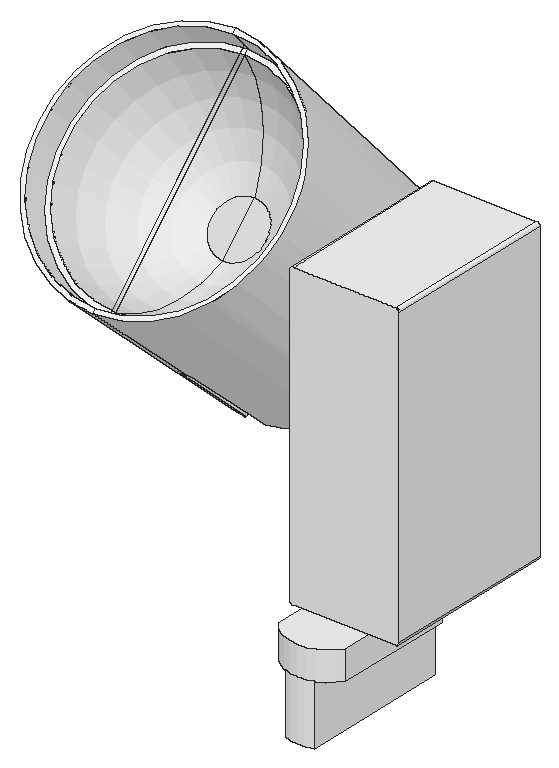
Revit family "0004936 Feilo Sylvania Lighting Fixture START TRACK SPOT L DALI 3562LM 940 WB WHT", category Lighting Fixtures, host Face, Revit 2017
Family settings
  Host = Face
  Round Connector Dimension = Use Diameter
  Part Type = Normal
  OmniClass Number = 23.80.70.00
  OmniClass Title = Lighting
  Cut with Voids When Loaded = No
  Light Source = No
  Shared = No
  Room Calculation Point = No
Parameters (values of type "0004936 START TRACK SPOT L DALI 3562LM 940 WB WHT")
  Weight = "1.368 kg"
  Wattage Comments = ""
  WarrantyStartDate [instance] = "n/a"
  WarrantyGuarantorParts = "n/a"
  WarrantyDurationUnit = "n/a"
  WarrantyDurationParts = "n/a"
  WarrantyDescription = "n/a"
  Voltage = 230 V
  URL = "http://www.sylvania-lighting.com/"
  TypeName = "START TRACK SPOT L DALI 3562LM 940 WB WHT"
  TypeHead_FEILO = Start Track Spot Head : 0004879 START TRACK SPOT L 35W 4K RA90 WB WHITE
  TypeBox_FEILO = Start Track Spot Box : Type Large White
  Type Image = <None>
  Type Comments = "n/a"
  VerticalRotation_FEILO [instance] = 0.00°
  SlideEndAngle_FEILO [instance] = VerticalRotation_FEILO + 180.00°  # 180.00°
  SerialNumber [instance] = "n/a"
  Material_3_FEILO = none
  PowerFactor = 0.93
  PowerConsumption = "35 W"
  NominalLength = 0 mm
  NominalHeight = 240 mm
  NominalDepth = 164 mm
  Name = "START TRACK SPOT L DALI 3562LM 940 WB WHT"
  ModelReference = Name  # "START TRACK SPOT L DALI 3562LM 940 WB WHT"
  ModelNumber = "0004936"
  Model = Name  # "START TRACK SPOT L DALI 3562LM 940 WB WHT"
  Material = "adc12 aluminium housing, polycarbonate diffuser"
  ManufacturerName = "Feilo Sylvania"
  Manufacturer = "Feilo Sylvania"
  LuminousEfficacy = "102 lm/W"
  LuminaireType = ""
  LightOutputRatio = "100"
  LampsType = Lamp  # "LED"
  LampNominalLuminous = "3562 lm"
  LampMacAdamStep = "3"
  LampColourTemperature = "4000 K"
  LampColourRenderingIndex = "90"
  Lamp = "LED"
  Keynote = "16500"
  InstallationDate [instance] = "n/a"
  InputVoltage = "230-240V~"
  InputNominalFrequency = "50/60 Hz"
  IngressProtection = "IP20"
  ImpactProtectionIndex = "IK02"
  IfcExportType = "IfcLightFixtureType"
  IfcExportAs = "IfcLightFixtureType"
  HorizontalRotation_FEILO [instance] = 45.00°
  ExpectedLife = 50000
  ElectricShockClassification = "Class II"
  DurationUnit = "hours"
  DocumentationLiterature = "http://www.sylvania-lighting.com/product/en-int/products/0004879"
  DimmingControlOptions = "Dimmable"
  Material_2_FEILO = none
  Description = "Integrated LED spotlight, Textured White - RAL9016, compact and minimalist design, ideal for retail applications, die-cast aluminium body, passive cooling heatsink. Beam angle: 52°, color temperature: 4000K , total system power: 35W, total fixture output: 3562 lm, LOR: 100%, colour rendering: Ra: 90 typical, LED Chromaticity: 3 step MacAdam ellipse, lifetime: >50000 hours at L70B50, energy class: A++, A+, A, IR/UV free light source without heat radiation, operating voltage: 220-240V / 50-60Hz, drive current: 900mA, electronic driver, non-dimmable, power factor: 0.93, electrical protection: Class II, Global Track 3 Phase adapter suitable for Global trac 3-circuit tracks, ingress protection rating: IP20, suitable for internal environment only, horizontal rotation: 355°, vertical tilt: 90°, dimensions: Ø113x164x240, weight: 1.368kg."
  Default Elevation = 1219.2 mm
  CreatedOn = "04/26/2018"
  CreatedBy = ""
  Cost = 0
  built-in parameter 1114216 [instance] = (empty or 0)
  ClassificationValue = "EF_70_80"
  ClassificationName = "Uniclass2015"
  Material_1_FEILO = Body-Sylvania-StartTrackSpot-White
  BarCode [instance] = "n/a"
  AssetType = "Fixed"
  AssetIdentifier [instance] = "n/a"
  Assembly Code = "D5020200"
  Apparent Load = 35 VA
  Material_4_FEILO = none
Reference planes
  plane 1 "Center (Front/Back)": y = 0
  plane 2: z = 0
  plane 3 "Center (Left/Right)": x = 0
  plane 4: x = 15
  plane 5: x = -15
  plane 6: y = 35
  plane 7: y = -35
  plane 8: z = 13
  plane 9: z = -27
  plane 10: x = 6.5
  plane 11: x = -6.5
  plane 12: y = 27
  plane 13: y = -27
  plane 14: y = 20
Forms (mm)
  Extrusion 1, solid, material "Body-Sylvania-StartTrackSpot-White" <- "Material_1_FEILO"
    sketch origin (0, 0, 0) x (1, 0, 0) y (0, 1, 0)
      loop
        line (-15, 27) -> (-15, -27)
        arc (-15, -27) -> (0, -35) -> (15, -27) r 18.062
        line (15, -27) -> (15, 27)
        arc (15, 27) -> (0, 35) -> (-15, 27) r 18.062
    from 0 to 13
  Extrusion 2, solid, material "Body-Sylvania-StartTrackSpot-White" <- "Material_1_FEILO"
    sketch origin (0, 0, 0) x (1, 0, 0) y (0, 1, 0)
      loop
        arc (6.5, 33.79) -> (0, 35) -> (-6.5, 33.79) r 18.062
        line (-6.5, 33.79) -> (-6.5, -33.79)
        arc (-6.5, -33.79) -> (0, -35) -> (6.5, -33.79) r 18.062
        line (6.5, -33.79) -> (6.5, 33.79)
    from 0 to -27
  Revolve 3, solid, not visible
    sketch origin (1524, 20, 1219.2) x (1, 0, 0) y (0, 0, 1)
      loop
        line (-1524, -1206.2) -> (-1524, -1191.285) -> (-1530.5, -1191.285) -> (-1530.5, -1206.2) -> (-1524, -1206.2)
      axis (-1524, -1191.285) -> (-1524, -1206.2)
    angle from 0 <- "VerticalRotation_FEILO" to 180 <- "SlideEndAngle_FEILO"
Cuts and joins
  joined: Extrusion 1, Extrusion 2
Dimensions and locks
  equal spacing: plane 10, plane 3 "Center (Left/Right)", plane 11
  equal spacing: plane 4, plane 3 "Center (Left/Right)", plane 5
  locked: plane 8 to plane 2 at 13
  locked: plane 8 to plane 9 at 40
  equal spacing: plane 13, plane 1 "Center (Front/Back)", plane 12
  locked: plane 12 to plane 6 at 8
  locked: plane 14 to plane 6 at 15
  locked: Revolve 3 sketch curve to plane 8 at 14.915
  aligned and locked: plane 2 to host face
  aligned and locked: level to host face
  aligned and locked: plane 5 to Extrusion 1 sketch curve  (x2)
  aligned and locked: plane 12 to Extrusion 1 sketch curve
  aligned and locked: plane 13 to Extrusion 1 sketch curve
  aligned and locked: plane 4 to Extrusion 1 sketch curve
  aligned and locked: Extrusion 1 to plane 8
  aligned and locked: Extrusion 1 to level
  aligned and locked: Extrusion 2 sketch curve to Extrusion 1  (x2)
  aligned and locked: Extrusion 2 sketch curve to plane 11
  aligned and locked: plane 10 to Extrusion 2 sketch curve
  aligned and locked: plane 9 to Extrusion 2
  aligned and locked: level to Extrusion 2
  aligned and locked: Revolve 3 sketch curve to plane 3 "Center (Left/Right)"  (x2)
  aligned and locked: plane 11 to Revolve 3 sketch curve
  aligned and locked: Revolve 3 sketch curve to plane 8
Automatic sketch dimensions
  host sketch curve to host sketch curve = 2438.4 mm  (x2)
  Extrusion 1 sketch curve to plane 3 "Center (Left/Right)" = 0 mm  (x2)
  Extrusion 1 sketch curve to plane 13 = 10.062 mm
  plane 12 to Extrusion 1 sketch curve = 10.062 mm
  Revolve 3 sketch curve to plane 3 "Center (Left/Right)" = 0 mm
  plane 9 to Revolve 3 sketch curve = 582.6 mm
  Revolve 3 sketch curve to Revolve 3 sketch curve = 2581.144 mm
Nested families
  nested 1: "Start Track Spot Head" at (-75.5, 20, 133) x (0, 0.7071, 0.7071) z (0, 0.7071, -0.7071), type <- "TypeHead_FEILO", type "0004879 START TRACK SPOT L 35W 4K RA90 WB WHITE"
    with built-in parameter 1114216 (empty or 0)
  nested 2: "Start Track Spot Box" at (8.5, 20, 85) x (-1, 0, 0) z (0, -1, 0), BoxStartAngle_FEILO <- "HorizontalRotation_FEILO", type <- "TypeBox_FEILO", type "Type Large White"
    with BoxStartAngle_FEILO 45.00°, BoxEndAngle_FEILO -135.00°
Connectors
  electrical at (0, 0, 0), driven by "Apparent Load", driven by "PowerFactor", driven by "Voltage"
    settings: index 1, voltage 230 V, apparent load 35 VA, apparent load phase1 0 VA, apparent load phase2 0 VA, apparent load phase3 0 VA, power factor 0.93, load classification "Lighting", number of poles 1, system type 30, power factor state 1, is connector primary yes, connector utility no, sub classification motor no, connector description ""
Definition of nested family "Start Track Spot Head"
  Parameters (values of type "0004811 START TRACK SPOT S 14W 3K RA80 NB WHITE")
    Wattage Comments = "n/a"
    Wattage = 14 W
    built-in parameter 1150110 = 1 (stored number, unit not read)
    URL = "http://www.feilosylvania.com"
    Type Image = (empty or 0)
    Type Comments = "n/a"
    built-in parameter 1114217 = 1 (stored number, unit not read)
    Tilt Angle = -90.00°
    built-in parameter 1150109 = 1 (stored number, unit not read)
    built-in parameter 1150134 = (empty or 0)
    built-in parameter 1150113 = 1 (stored number, unit not read)
    Photometric Web File = "0004811.ies"
    Material_3_FEILO = none
    Model = "START TRACK SPOT S 14W 3K RA80 NB WHITE"
    Manufacturer = "Feilo Sylvania"
    built-in parameter 1150105 = 123.66 (stored number, unit not read)
    Lumens = 1554 lm
    built-in parameter 1150115 = 1 (stored number, unit not read)
    built-in parameter 1150137 = (empty or 0)
    built-in parameter 1150139 = (empty or 0)
    built-in parameter 1150112 = 1 (stored number, unit not read)
    built-in parameter 1150114 = 1 (stored number, unit not read)
    Lamp = "LED"
    Keynote = "16500"
    Material_2_FEILO = none
    built-in parameter 1150132 = (empty or 0)
    built-in parameter 1150102 = (empty or 0)
    built-in parameter 1150107 = 3000 (stored number, unit not read)
    built-in parameter 1150138 = (empty or 0)
    built-in parameter 1150106 = 1.2366 (stored number, unit not read)
    HeadThickness_FEILO = if(HeadDiaOut_FEILO > 112 mm, 2 mm, 1.5 mm)  # 1.5 mm
    HeadRibOffset_FEILO = HeadHeight_FEILO / 28  # 4.179 mm
    HeadRibDepth_FEILO = HeadHeight_FEILO / 2.1  # 55.714 mm
    HeadRibCutWidth_FEILO = HeadDiaOut_FEILO / 12  # 7.167 mm
    HeadRibCutOffset_FEILO = HeadHeight_FEILO / 2.3  # 50.87 mm
    HeadReflectorRadius_FEILO = HeadDiaOut_FEILO / 1.7  # 50.588 mm
    HeadReflectorOffset_FEILO = HeadHeight_FEILO / 2.1  # 55.714 mm
    HeadLEDRadius_FEILO = HeadDiaOut_FEILO / 9  # 9.556 mm
    HeadHeight_FEILO = 117 mm
    HeadDraft_FEILO = 1 mm
    HeadDiffusorThickness_FEILO = 3 mm
    HeadDiffusorOffset_FEILO = HeadHeight_FEILO / 12.4  # 9.435 mm
    HeadDiaOut_FEILO = 86 mm
    HeadDiaIn_FEILO = HeadDiaOut_FEILO / 1.11  # 77.477 mm
    HeadAxisFromTop_FEILO = HeadHeight_FEILO / 1.687  # 69.354 mm
    Emit from Circle Diameter = HeadDiaIn_FEILO  # 77.477 mm
    Emit Shape Visible in Rendering = no
    built-in parameter 1150104 = 10.312 (stored number, unit not read)
    Dimming Lamp Color Temperature Shift = (empty or 0)
    Description = "Integrated LED spotlight, Textured White - RAL9016, compact and minimalist design, ideal for retail applications, die-cast aluminium body, passive cooling heatsink. Beam angle: 12°, color temperature: 3000K , total system power: 14W, total fixture output: 1551 lm, LOR: 100%, colour rendering: Ra: 80 typical, LED Chromaticity: 3 step MacAdam ellipse, lifetime: >50000 hours at L70B50, energy class: A++, A+, A, IR/UV free light source without heat radiation, operating voltage: 220-240V / 50-60Hz, drive current: 350mA, electronic driver, non-dimmable, power factor: 0.92, electrical protection: Class II, Global Track 3 Phase adapter suitable for Global trac 3-circuit tracks, ingress protection rating: IP20, suitable for internal environment only, horizontal rotation: 355°, vertical tilt: 90°, dimensions: Ø86x140x200, weight: 0.940kg."
    Default Elevation = 1219.2 mm
    Cost = 0
    Color Filter = 16777215
    built-in parameter 1114216 [instance] = (empty or 0)
    Material_1_FEILO = none
    built-in parameter 1114218 = 1 (stored number, unit not read)
    built-in parameter 1150133 = 10 (stored number, unit not read)
    Assembly Code = "D5020200"
    Apparent Load = 14 VA
    Material_4_FEILO = none
  Types (96, lengths in mm): name | Wattage | built-in parameter 1150134 | Photometric Web File | Model | built-in parameter 1150105 | Lumens | built-in parameter 1150107 | built-in parameter 1150106 | HeadThickness_FEILO | HeadRibOffset_FEILO | HeadRibDepth_FEILO | HeadRibCutWidth_FEILO | HeadRibCutOffset_FEILO | HeadReflectorRadius_FEILO | HeadReflectorOffset_FEILO | HeadLEDRadius_FEILO | HeadHeight_FEILO | HeadDiffusorOffset_FEILO | HeadDiaOut_FEILO | HeadDiaIn_FEILO | HeadAxisFromTop_FEILO | Emit from Circle Diameter | built-in parameter 1150104 | Description | Apparent Load
    0004906 START TRACK SPOT L 55W 4K RA90 WB BLACK | 55 W | 12 | "0004906.ies" | "START TRACK SPOT L 55W 4K RA90 WB BLACK" | 385.15 (stored number, unit not read) | 4840 lm | 4000 (stored number, unit not read) | 3.8515 (stored number, unit not read) | 2 | 4.429 | 59.048 | 9.417 | 53.913 | 66.471 | 59.048 | 12.556 | 124 | 10 | 113 | 101.802 | 73.503 | 101.802 | 8.1755 (stored number, unit not read) | "Integrated LED spotlight, Textured Black - RAL9005, compact and minimalist design, ideal for retail applications, die-cast aluminium body, passive cooling heatsink. Beam angle: 52°, color temperature: 4000K , total system power: 55W, total fixture output: 4824 lm, LOR: 100%, colour rendering: Ra: 90 typical, LED Chromaticity: 3 step MacAdam ellipse, lifetime: >50000 hours at L70B50, energy class: A++, A+, A, IR/UV free light source without heat radiation, operating voltage: 220-240V / 50-60Hz, drive current: 1400mA, electronic driver, non-dimmable, power factor: 0.96, electrical protection: Class II, Global Track 3 Phase adapter suitable for Global trac 3-circuit tracks, ingress protection rating: IP20, suitable for internal environment only, horizontal rotation: 355°, vertical tilt: 90°, dimensions: Ø113x164x240, weight: 1.398kg." | 55 VA
    0004905 START TRACK SPOT L 55W 4K RA90 MB BLACK | 55 W | 12 | "0004905.ies" | "START TRACK SPOT L 55W 4K RA90 MB BLACK" | 389.53 (stored number, unit not read) | 4895 lm | 4000 (stored number, unit not read) | 3.8953 (stored number, unit not read) | 2 | 4.429 | 59.048 | 9.417 | 53.913 | 66.471 | 59.048 | 12.556 | 124 | 10 | 113 | 101.802 | 73.503 | 101.802 | 8.2684 (stored number, unit not read) | "Integrated LED spotlight, Textured Black - RAL9005, compact and minimalist design, ideal for retail applications, die-cast aluminium body, passive cooling heatsink. Beam angle: 38°, color temperature: 4000K , total system power: 55W, total fixture output: 4897 lm, LOR: 100%, colour rendering: Ra: 90 typical, LED Chromaticity: 3 step MacAdam ellipse, lifetime: >50000 hours at L70B50, energy class: A++, A+, A, IR/UV free light source without heat radiation, operating voltage: 220-240V / 50-60Hz, drive current: 1400mA, electronic driver, non-dimmable, power factor: 0.96, electrical protection: Class II, Global Track 3 Phase adapter suitable for Global trac 3-circuit tracks, ingress protection rating: IP20, suitable for internal environment only, horizontal rotation: 355°, vertical tilt: 90°, dimensions: Ø113x164x240, weight: 1.398kg." | 55 VA
    0004904 START TRACK SPOT L 55W 4K RA90 NB BLACK | 55 W | 12 | "0004904.ies" | "START TRACK SPOT L 55W 4K RA90 NB BLACK" | 393.91 (stored number, unit not read) | 4950 lm | 4000 (stored number, unit not read) | 3.9391 (stored number, unit not read) | 2 | 4.429 | 59.048 | 9.417 | 53.913 | 66.471 | 59.048 | 12.556 | 124 | 10 | 113 | 101.802 | 73.503 | 101.802 | 8.3613 (stored number, unit not read) | "Integrated LED spotlight, Textured Black - RAL9005, compact and minimalist design, ideal for retail applications, die-cast aluminium body, passive cooling heatsink. Beam angle: 15°, color temperature: 4000K , total system power: 55W, total fixture output: 4965 lm, LOR: 100%, colour rendering: Ra: 90 typical, LED Chromaticity: 3 step MacAdam ellipse, lifetime: >50000 hours at L70B50, energy class: A++, A+, A, IR/UV free light source without heat radiation, operating voltage: 220-240V / 50-60Hz, drive current: 1400mA, electronic driver, non-dimmable, power factor: 0.96, electrical protection: Class II, Global Track 3 Phase adapter suitable for Global trac 3-circuit tracks, ingress protection rating: IP20, suitable for internal environment only, horizontal rotation: 355°, vertical tilt: 90°, dimensions: Ø113x164x240, weight: 1.398kg." | 55 VA
    0004903 START TRACK SPOT L 35W 4K RA90 WB BLACK | 35 W | 12 | "0004903.ies" | "START TRACK SPOT L 35W 4K RA90 WB BLACK" | 284.09 (stored number, unit not read) | 3570 lm | 4000 (stored number, unit not read) | 2.8409 (stored number, unit not read) | 2 | 4.429 | 59.048 | 9.417 | 53.913 | 66.471 | 59.048 | 12.556 | 124 | 10 | 113 | 101.802 | 73.503 | 101.802 | 9.4761 (stored number, unit not read) | "Integrated LED spotlight, Textured Black - RAL9005, compact and minimalist design, ideal for retail applications, die-cast aluminium body, passive cooling heatsink. Beam angle: 52°, color temperature: 4000K , total system power: 35W, total fixture output: 3562 lm, LOR: 100%, colour rendering: Ra: 90 typical, LED Chromaticity: 3 step MacAdam ellipse, lifetime: >50000 hours at L70B50, energy class: A++, A+, A, IR/UV free light source without heat radiation, operating voltage: 220-240V / 50-60Hz, drive current: 900mA, electronic driver, non-dimmable, power factor: 0.93, electrical protection: Class II, Global Track 3 Phase adapter suitable for Global trac 3-circuit tracks, ingress protection rating: IP20, suitable for internal environment only, horizontal rotation: 355°, vertical tilt: 90°, dimensions: Ø113x164x240, weight: 1.368kg." | 35 VA
    0004902 START TRACK SPOT L 35W 4K RA90 MB BLACK | 35 W | 12 | "0004902.ies" | "START TRACK SPOT L 35W 4K RA90 MB BLACK" | 286.88 (stored number, unit not read) | 3605 lm | 4000 (stored number, unit not read) | 2.8688 (stored number, unit not read) | 2 | 4.429 | 59.048 | 9.417 | 53.913 | 66.471 | 59.048 | 12.556 | 124 | 10 | 113 | 101.802 | 73.503 | 101.802 | 9.569 (stored number, unit not read) | "Integrated LED spotlight, Textured Black - RAL9005, compact and minimalist design, ideal for retail applications, die-cast aluminium body, passive cooling heatsink. Beam angle: 38°, color temperature: 4000K , total system power: 35W, total fixture output: 3616 lm, LOR: 100%, colour rendering: Ra: 90 typical, LED Chromaticity: 3 step MacAdam ellipse, lifetime: >50000 hours at L70B50, energy class: A++, A+, A, IR/UV free light source without heat radiation, operating voltage: 220-240V / 50-60Hz, drive current: 900mA, electronic driver, non-dimmable, power factor: 0.93, electrical protection: Class II, Global Track 3 Phase adapter suitable for Global trac 3-circuit tracks, ingress protection rating: IP20, suitable for internal environment only, horizontal rotation: 355°, vertical tilt: 90°, dimensions: Ø113x164x240, weight: 1.368kg." | 35 VA
    0004901 START TRACK SPOT L 35W 4K RA90 NB BLACK | 35 W | 12 | "0004901.ies" | "START TRACK SPOT L 35W 4K RA90 NB BLACK" | 286.88 (stored number, unit not read) | 3605 lm | 4000 (stored number, unit not read) | 2.8688 (stored number, unit not read) | 2 | 4.429 | 59.048 | 9.417 | 53.913 | 66.471 | 59.048 | 12.556 | 124 | 10 | 113 | 101.802 | 73.503 | 101.802 | 9.569 (stored number, unit not read) | "Integrated LED spotlight, Textured Black - RAL9005, compact and minimalist design, ideal for retail applications, die-cast aluminium body, passive cooling heatsink. Beam angle: 15°, color temperature: 4000K , total system power: 35W, total fixture output: 3593 lm, LOR: 100%, colour rendering: Ra: 90 typical, LED Chromaticity: 3 step MacAdam ellipse, lifetime: >50000 hours at L70B50, energy class: A++, A+, A, IR/UV free light source without heat radiation, operating voltage: 220-240V / 50-60Hz, drive current: 900mA, electronic driver, non-dimmable, power factor: 0.93, electrical protection: Class II, Global Track 3 Phase adapter suitable for Global trac 3-circuit tracks, ingress protection rating: IP20, suitable for internal environment only, horizontal rotation: 355°, vertical tilt: 90°, dimensions: Ø113x164x240, weight: 1.368kg." | 35 VA
    0004900 START TRACK SPOT S 24W 4K RA90 WB BLACK | 24 W | 12 | "0004900.ies" | "START TRACK SPOT S 24W 4K RA90 WB BLACK" | 166.16 (stored number, unit not read) | 2088 lm | 4000 (stored number, unit not read) | 1.6616 (stored number, unit not read) | 1.5 | 4.179 | 55.714 | 7.167 | 50.87 | 50.588 | 55.714 | 9.556 | 117 | 9.435 | 86 | 77.477 | 69.354 | 77.477 | 8.0826 (stored number, unit not read) | "Integrated LED spotlight, Textured Black - RAL9005, compact and minimalist design, ideal for retail applications, die-cast aluminium body, passive cooling heatsink. Beam angle: 64°, color temperature: 4000K , total system power: 24W, total fixture output: 2087 lm, LOR: 100%, colour rendering: Ra: 90 typical, LED Chromaticity: 3 step MacAdam ellipse, lifetime: >50000 hours at L70B50, energy class: A++, A+, A, IR/UV free light source without heat radiation, operating voltage: 220-240V / 50-60Hz, drive current: 600mA, electronic driver, non-dimmable, power factor: 0.95, electrical protection: Class II, Global Track 3 Phase adapter suitable for Global trac 3-circuit tracks, ingress protection rating: IP20, suitable for internal environment only, horizontal rotation: 355°, vertical tilt: 90°, dimensions: Ø86x140x200, weight: 0.966kg." | 24 VA
    0004899 START TRACK SPOT S 24W 4K RA90 MB BLACK | 24 W | 12 | "0004899.ies" | "START TRACK SPOT S 24W 4K RA90 MB BLACK" | 169.98 (stored number, unit not read) | 2136 lm | 4000 (stored number, unit not read) | 1.6998 (stored number, unit not read) | 1.5 | 4.179 | 55.714 | 7.167 | 50.87 | 50.588 | 55.714 | 9.556 | 117 | 9.435 | 86 | 77.477 | 69.354 | 77.477 | 8.2684 (stored number, unit not read) | "Integrated LED spotlight, Textured Black - RAL9005, compact and minimalist design, ideal for retail applications, die-cast aluminium body, passive cooling heatsink. Beam angle: 36°, color temperature: 4000K , total system power: 24W, total fixture output: 2141 lm, LOR: 100%, colour rendering: Ra: 90 typical, LED Chromaticity: 3 step MacAdam ellipse, lifetime: >50000 hours at L70B50, energy class: A++, A+, A, IR/UV free light source without heat radiation, operating voltage: 220-240V / 50-60Hz, drive current: 600mA, electronic driver, non-dimmable, power factor: 0.95, electrical protection: Class II, Global Track 3 Phase adapter suitable for Global trac 3-circuit tracks, ingress protection rating: IP20, suitable for internal environment only, horizontal rotation: 355°, vertical tilt: 90°, dimensions: Ø86x140x200, weight: 0.966kg." | 24 VA
    0004898 START TRACK SPOT S 24W 4K RA90 NB BLACK | 24 W | 12 | "0004898.ies" | "START TRACK SPOT S 24W 4K RA90 NB BLACK" | 171.89 (stored number, unit not read) | 2160 lm | 4000 (stored number, unit not read) | 1.7189 (stored number, unit not read) | 1.5 | 4.179 | 55.714 | 7.167 | 50.87 | 50.588 | 55.714 | 9.556 | 117 | 9.435 | 86 | 77.477 | 69.354 | 77.477 | 8.3613 (stored number, unit not read) | "Integrated LED spotlight, Textured Black - RAL9005, compact and minimalist design, ideal for retail applications, die-cast aluminium body, passive cooling heatsink. Beam angle: 12°, color temperature: 4000K , total system power: 24W, total fixture output: 2155 lm, LOR: 100%, colour rendering: Ra: 90 typical, LED Chromaticity: 3 step MacAdam ellipse, lifetime: >50000 hours at L70B50, energy class: A++, A+, A, IR/UV free light source without heat radiation, operating voltage: 220-240V / 50-60Hz, drive current: 600mA, electronic driver, non-dimmable, power factor: 0.95, electrical protection: Class II, Global Track 3 Phase adapter suitable for Global trac 3-circuit tracks, ingress protection rating: IP20, suitable for internal environment only, horizontal rotation: 355°, vertical tilt: 90°, dimensions: Ø86x140x200, weight: 0.966kg." | 24 VA
    0004897 START TRACK SPOT S 14W 4K RA90 WB BLACK | 14 W | 12 | "0004897.ies" | "START TRACK SPOT S 14W 4K RA90 WB BLACK" | 108.07 (stored number, unit not read) | 1358 lm | 4000 (stored number, unit not read) | 1.0807 (stored number, unit not read) | 1.5 | 4.179 | 55.714 | 7.167 | 50.87 | 50.588 | 55.714 | 9.556 | 117 | 9.435 | 86 | 77.477 | 69.354 | 77.477 | 9.0116 (stored number, unit not read) | "Integrated LED spotlight, Textured Black - RAL9005, compact and minimalist design, ideal for retail applications, die-cast aluminium body, passive cooling heatsink. Beam angle: 64°, color temperature: 4000K , total system power: 14W, total fixture output: 1352 lm, LOR: 100%, colour rendering: Ra: 90 typical, LED Chromaticity: 3 step MacAdam ellipse, lifetime: >50000 hours at L70B50, energy class: A++, A+, A, IR/UV free light source without heat radiation, operating voltage: 220-240V / 50-60Hz, drive current: 350mA, electronic driver, non-dimmable, power factor: 0.92, electrical protection: Class II, Global Track 3 Phase adapter suitable for Global trac 3-circuit tracks, ingress protection rating: IP20, suitable for internal environment only, horizontal rotation: 355°, vertical tilt: 90°, dimensions: Ø86x140x200, weight: 0.940kg." | 14 VA
    0004896 START TRACK SPOT S 14W 4K RA90 MB BLACK | 14 W | 12 | "0004896.ies" | "START TRACK SPOT S 14W 4K RA90 MB BLACK" | 108.07 (stored number, unit not read) | 1358 lm | 4000 (stored number, unit not read) | 1.0807 (stored number, unit not read) | 1.5 | 4.179 | 55.714 | 7.167 | 50.87 | 50.588 | 55.714 | 9.556 | 117 | 9.435 | 86 | 77.477 | 69.354 | 77.477 | 9.0116 (stored number, unit not read) | "Integrated LED spotlight, Textured Black - RAL9005, compact and minimalist design, ideal for retail applications, die-cast aluminium body, passive cooling heatsink. Beam angle: 36°, color temperature: 4000K , total system power: 14W, total fixture output: 1359 lm, LOR: 100%, colour rendering: Ra: 90 typical, LED Chromaticity: 3 step MacAdam ellipse, lifetime: >50000 hours at L70B50, energy class: A++, A+, A, IR/UV free light source without heat radiation, operating voltage: 220-240V / 50-60Hz, drive current: 350mA, electronic driver, non-dimmable, power factor: 0.92, electrical protection: Class II, Global Track 3 Phase adapter suitable for Global trac 3-circuit tracks, ingress protection rating: IP20, suitable for internal environment only, horizontal rotation: 355°, vertical tilt: 90°, dimensions: Ø86x140x200, weight: 0.940kg." | 14 VA
    0004895 START TRACK SPOT S 14W 4K RA90 NB BLACK | 14 W | 12 | "0004895.ies" | "START TRACK SPOT S 14W 4K RA90 NB BLACK" | 106.95 (stored number, unit not read) | 1344 lm | 4000 (stored number, unit not read) | 1.0695 (stored number, unit not read) | 1.5 | 4.179 | 55.714 | 7.167 | 50.87 | 50.588 | 55.714 | 9.556 | 117 | 9.435 | 86 | 77.477 | 69.354 | 77.477 | 8.9187 (stored number, unit not read) | "Integrated LED spotlight, Textured Black - RAL9005, compact and minimalist design, ideal for retail applications, die-cast aluminium body, passive cooling heatsink. Beam angle: 12°, color temperature: 4000K , total system power: 14W, total fixture output: 1349 lm, LOR: 100%, colour rendering: Ra: 90 typical, LED Chromaticity: 3 step MacAdam ellipse, lifetime: >50000 hours at L70B50, energy class: A++, A+, A, IR/UV free light source without heat radiation, operating voltage: 220-240V / 50-60Hz, drive current: 350mA, electronic driver, non-dimmable, power factor: 0.92, electrical protection: Class II, Global Track 3 Phase adapter suitable for Global trac 3-circuit tracks, ingress protection rating: IP20, suitable for internal environment only, horizontal rotation: 355°, vertical tilt: 90°, dimensions: Ø86x140x200, weight: 0.940kg." | 14 VA
    0004894 START TRACK SPOT L 55W 3K RA90 WB BLACK | 55 W | (empty or 0) | "0004894.ies" | "START TRACK SPOT L 55W 3K RA90 WB BLACK" | 350.14 (stored number, unit not read) | 4400 lm | 3000 (stored number, unit not read) | 3.5014 (stored number, unit not read) | 2 | 4.429 | 59.048 | 9.417 | 53.913 | 66.471 | 59.048 | 12.556 | 124 | 10 | 113 | 101.802 | 73.503 | 101.802 | 7.4322 (stored number, unit not read) | "Integrated LED spotlight, Textured Black - RAL9005, compact and minimalist design, ideal for retail applications, die-cast aluminium body, passive cooling heatsink. Beam angle: 52°, color temperature: 3000K , total system power: 55W, total fixture output: 4405 lm, LOR: 100%, colour rendering: Ra: 90 typical, LED Chromaticity: 3 step MacAdam ellipse, lifetime: >50000 hours at L70B50, energy class: A++, A+, A, IR/UV free light source without heat radiation, operating voltage: 220-240V / 50-60Hz, drive current: 1400mA, electronic driver, non-dimmable, power factor: 0.96, electrical protection: Class II, Global Track 3 Phase adapter suitable for Global trac 3-circuit tracks, ingress protection rating: IP20, suitable for internal environment only, horizontal rotation: 355°, vertical tilt: 90°, dimensions: Ø113x164x240, weight: 1.398kg." | 55 VA
    0004893 START TRACK SPOT L 55W 3K RA90 MB BLACK | 55 W | (empty or 0) | "0004893.ies" | "START TRACK SPOT L 55W 3K RA90 MB BLACK" | 354.52 (stored number, unit not read) | 4455 lm | 3000 (stored number, unit not read) | 3.5452 (stored number, unit not read) | 2 | 4.429 | 59.048 | 9.417 | 53.913 | 66.471 | 59.048 | 12.556 | 124 | 10 | 113 | 101.802 | 73.503 | 101.802 | 7.5251 (stored number, unit not read) | "Integrated LED spotlight, Textured Black - RAL9005, compact and minimalist design, ideal for retail applications, die-cast aluminium body, passive cooling heatsink. Beam angle: 38°, color temperature: 3000K , total system power: 55W, total fixture output: 4448 lm, LOR: 100%, colour rendering: Ra: 90 typical, LED Chromaticity: 3 step MacAdam ellipse, lifetime: >50000 hours at L70B50, energy class: A++, A+, A, IR/UV free light source without heat radiation, operating voltage: 220-240V / 50-60Hz, drive current: 1400mA, electronic driver, non-dimmable, power factor: 0.96, electrical protection: Class II, Global Track 3 Phase adapter suitable for Global trac 3-circuit tracks, ingress protection rating: IP20, suitable for internal environment only, horizontal rotation: 355°, vertical tilt: 90°, dimensions: Ø113x164x240, weight: 1.398kg." | 55 VA
    0004892 START TRACK SPOT L 55W 3K RA90 NB BLACK | 55 W | (empty or 0) | "0004892.ies" | "START TRACK SPOT L 55W 3K RA90 NB BLACK" | 350.14 (stored number, unit not read) | 4400 lm | 3000 (stored number, unit not read) | 3.5014 (stored number, unit not read) | 2 | 4.429 | 59.048 | 9.417 | 53.913 | 66.471 | 59.048 | 12.556 | 124 | 10 | 113 | 101.802 | 73.503 | 101.802 | 7.4322 (stored number, unit not read) | "Integrated LED spotlight, Textured Black - RAL9005, compact and minimalist design, ideal for retail applications, die-cast aluminium body, passive cooling heatsink. Beam angle: 15°, color temperature: 3000K , total system power: 55W, total fixture output: 4416 lm, LOR: 100%, colour rendering: Ra: 90 typical, LED Chromaticity: 3 step MacAdam ellipse, lifetime: >50000 hours at L70B50, energy class: A++, A+, A, IR/UV free light source without heat radiation, operating voltage: 220-240V / 50-60Hz, drive current: 1400mA, electronic driver, non-dimmable, power factor: 0.96, electrical protection: Class II, Global Track 3 Phase adapter suitable for Global trac 3-circuit tracks, ingress protection rating: IP20, suitable for internal environment only, horizontal rotation: 355°, vertical tilt: 90°, dimensions: Ø113x164x240, weight: 1.398kg." | 55 VA
    0004891 START TRACK SPOT L 35W 3K RA90 WB BLACK | 35 W | (empty or 0) | "0004891.ies" | "START TRACK SPOT L 35W 3K RA90 WB BLACK" | 259.02 (stored number, unit not read) | 3255 lm | 3000 (stored number, unit not read) | 2.5902 (stored number, unit not read) | 2 | 4.429 | 59.048 | 9.417 | 53.913 | 66.471 | 59.048 | 12.556 | 124 | 10 | 113 | 101.802 | 73.503 | 101.802 | 8.64 (stored number, unit not read) | "Integrated LED spotlight, Textured Black - RAL9005, compact and minimalist design, ideal for retail applications, die-cast aluminium body, passive cooling heatsink. Beam angle: 52°, color temperature: 3000K , total system power: 35W, total fixture output: 3260 lm, LOR: 100%, colour rendering: Ra: 90 typical, LED Chromaticity: 3 step MacAdam ellipse, lifetime: >50000 hours at L70B50, energy class: A++, A+, A, IR/UV free light source without heat radiation, operating voltage: 220-240V / 50-60Hz, drive current: 900mA, electronic driver, non-dimmable, power factor: 0.93, electrical protection: Class II, Global Track 3 Phase adapter suitable for Global trac 3-circuit tracks, ingress protection rating: IP20, suitable for internal environment only, horizontal rotation: 355°, vertical tilt: 90°, dimensions: Ø113x164x240, weight: 1.368kg." | 35 VA
    0004890 START TRACK SPOT L 35W 3K RA90 MB BLACK | 35 W | (empty or 0) | "0004890.ies" | "START TRACK SPOT L 35W 3K RA90 MB BLACK" | 261.81 (stored number, unit not read) | 3290 lm | 3000 (stored number, unit not read) | 2.6181 (stored number, unit not read) | 2 | 4.429 | 59.048 | 9.417 | 53.913 | 66.471 | 59.048 | 12.556 | 124 | 10 | 113 | 101.802 | 73.503 | 101.802 | 8.7329 (stored number, unit not read) | "Integrated LED spotlight, Textured Black - RAL9005, compact and minimalist design, ideal for retail applications, die-cast aluminium body, passive cooling heatsink. Beam angle: 38°, color temperature: 3000K , total system power: 35W, total fixture output: 3306 lm, LOR: 100%, colour rendering: Ra: 90 typical, LED Chromaticity: 3 step MacAdam ellipse, lifetime: >50000 hours at L70B50, energy class: A++, A+, A, IR/UV free light source without heat radiation, operating voltage: 220-240V / 50-60Hz, drive current: 900mA, electronic driver, non-dimmable, power factor: 0.93, electrical protection: Class II, Global Track 3 Phase adapter suitable for Global trac 3-circuit tracks, ingress protection rating: IP20, suitable for internal environment only, horizontal rotation: 355°, vertical tilt: 90°, dimensions: Ø113x164x240, weight: 1.368kg." | 35 VA
    0004889 START TRACK SPOT L 35W 3K RA90 NB BLACK | 35 W | (empty or 0) | "0004889.ies" | "START TRACK SPOT L 35W 3K RA90 NB BLACK" | 261.81 (stored number, unit not read) | 3290 lm | 3000 (stored number, unit not read) | 2.6181 (stored number, unit not read) | 2 | 4.429 | 59.048 | 9.417 | 53.913 | 66.471 | 59.048 | 12.556 | 124 | 10 | 113 | 101.802 | 73.503 | 101.802 | 8.7329 (stored number, unit not read) | "Integrated LED spotlight, Textured Black - RAL9005, compact and minimalist design, ideal for retail applications, die-cast aluminium body, passive cooling heatsink. Beam angle: 15°, color temperature: 3000K , total system power: 35W, total fixture output: 3287 lm, LOR: 100%, colour rendering: Ra: 90 typical, LED Chromaticity: 3 step MacAdam ellipse, lifetime: >50000 hours at L70B50, energy class: A++, A+, A, IR/UV free light source without heat radiation, operating voltage: 220-240V / 50-60Hz, drive current: 900mA, electronic driver, non-dimmable, power factor: 0.93, electrical protection: Class II, Global Track 3 Phase adapter suitable for Global trac 3-circuit tracks, ingress protection rating: IP20, suitable for internal environment only, horizontal rotation: 355°, vertical tilt: 90°, dimensions: Ø113x164x240, weight: 1.368kg." | 35 VA
    0004888 START TRACK SPOT S 24W 3K RA90 WB BLACK | 24 W | (empty or 0) | "0004888.ies" | "START TRACK SPOT S 24W 3K RA90 WB BLACK" | 152.79 (stored number, unit not read) | 1920 lm | 3000 (stored number, unit not read) | 1.5279 (stored number, unit not read) | 1.5 | 4.179 | 55.714 | 7.167 | 50.87 | 50.588 | 55.714 | 9.556 | 117 | 9.435 | 86 | 77.477 | 69.354 | 77.477 | 7.4322 (stored number, unit not read) | "Integrated LED spotlight, Textured Black - RAL9005, compact and minimalist design, ideal for retail applications, die-cast aluminium body, passive cooling heatsink. Beam angle: 64°, color temperature: 3000K , total system power: 24W, total fixture output: 1928 lm, LOR: 100%, colour rendering: Ra: 90 typical, LED Chromaticity: 3 step MacAdam ellipse, lifetime: >50000 hours at L70B50, energy class: A++, A+, A, IR/UV free light source without heat radiation, operating voltage: 220-240V / 50-60Hz, drive current: 600mA, electronic driver, non-dimmable, power factor: 0.95, electrical protection: Class II, Global Track 3 Phase adapter suitable for Global trac 3-circuit tracks, ingress protection rating: IP20, suitable for internal environment only, horizontal rotation: 355°, vertical tilt: 90°, dimensions: Ø86x140x200, weight: 0.966kg." | 24 VA
    0004887 START TRACK SPOT S 24W 3K RA90 MB BLACK | 24 W | (empty or 0) | "0004887.ies" | "START TRACK SPOT S 24W 3K RA90 MB BLACK" | 154.7 (stored number, unit not read) | 1944 lm | 3000 (stored number, unit not read) | 1.547 (stored number, unit not read) | 1.5 | 4.179 | 55.714 | 7.167 | 50.87 | 50.588 | 55.714 | 9.556 | 117 | 9.435 | 86 | 77.477 | 69.354 | 77.477 | 7.5251 (stored number, unit not read) | "Integrated LED spotlight, Textured Black - RAL9005, compact and minimalist design, ideal for retail applications, die-cast aluminium body, passive cooling heatsink. Beam angle: 36°, color temperature: 3000K , total system power: 24W, total fixture output: 1944 lm, LOR: 100%, colour rendering: Ra: 90 typical, LED Chromaticity: 3 step MacAdam ellipse, lifetime: >50000 hours at L70B50, energy class: A++, A+, A, IR/UV free light source without heat radiation, operating voltage: 220-240V / 50-60Hz, drive current: 600mA, electronic driver, non-dimmable, power factor: 0.95, electrical protection: Class II, Global Track 3 Phase adapter suitable for Global trac 3-circuit tracks, ingress protection rating: IP20, suitable for internal environment only, horizontal rotation: 355°, vertical tilt: 90°, dimensions: Ø86x140x200, weight: 0.966kg." | 24 VA
    0004886 START TRACK SPOT S 24W 3K RA90 NB BLACK | 24 W | (empty or 0) | "0004886.ies" | "START TRACK SPOT S 24W 3K RA90 NB BLACK" | 158.52 (stored number, unit not read) | 1992 lm | 3000 (stored number, unit not read) | 1.5852 (stored number, unit not read) | 1.5 | 4.179 | 55.714 | 7.167 | 50.87 | 50.588 | 55.714 | 9.556 | 117 | 9.435 | 86 | 77.477 | 69.354 | 77.477 | 7.711 (stored number, unit not read) | "Integrated LED spotlight, Textured Black - RAL9005, compact and minimalist design, ideal for retail applications, die-cast aluminium body, passive cooling heatsink. Beam angle: 12°, color temperature: 3000K , total system power: 24W, total fixture output: 1987 lm, LOR: 100%, colour rendering: Ra: 90 typical, LED Chromaticity: 3 step MacAdam ellipse, lifetime: >50000 hours at L70B50, energy class: A++, A+, A, IR/UV free light source without heat radiation, operating voltage: 220-240V / 50-60Hz, drive current: 600mA, electronic driver, non-dimmable, power factor: 0.95, electrical protection: Class II, Global Track 3 Phase adapter suitable for Global trac 3-circuit tracks, ingress protection rating: IP20, suitable for internal environment only, horizontal rotation: 355°, vertical tilt: 90°, dimensions: Ø86x140x200, weight: 0.966kg." | 24 VA
    0004885 START TRACK SPOT S 14W 3K RA90 WB BLACK | 14 W | (empty or 0) | "0004885.ies" | "START TRACK SPOT S 14W 3K RA90 WB BLACK" | 100.27 (stored number, unit not read) | 1260 lm | 3000 (stored number, unit not read) | 1.0027 (stored number, unit not read) | 1.5 | 4.179 | 55.714 | 7.167 | 50.87 | 50.588 | 55.714 | 9.556 | 117 | 9.435 | 86 | 77.477 | 69.354 | 77.477 | 8.3613 (stored number, unit not read) | "Integrated LED spotlight, Textured Black - RAL9005, compact and minimalist design, ideal for retail applications, die-cast aluminium body, passive cooling heatsink. Beam angle: 64°, color temperature: 3000K , total system power: 14W, total fixture output: 1262 lm, LOR: 100%, colour rendering: Ra: 90 typical, LED Chromaticity: 3 step MacAdam ellipse, lifetime: >50000 hours at L70B50, energy class: A++, A+, A, IR/UV free light source without heat radiation, operating voltage: 220-240V / 50-60Hz, drive current: 350mA, electronic driver, non-dimmable, power factor: 0.92, electrical protection: Class II, Global Track 3 Phase adapter suitable for Global trac 3-circuit tracks, ingress protection rating: IP20, suitable for internal environment only, horizontal rotation: 355°, vertical tilt: 90°, dimensions: Ø86x140x200, weight: 0.940kg." | 14 VA
    0004884 START TRACK SPOT S 14W 3K RA90 MB BLACK | 14 W | (empty or 0) | "0004884.ies" | "START TRACK SPOT S 14W 3K RA90 MB BLACK" | 100.27 (stored number, unit not read) | 1260 lm | 3000 (stored number, unit not read) | 1.0027 (stored number, unit not read) | 1.5 | 4.179 | 55.714 | 7.167 | 50.87 | 50.588 | 55.714 | 9.556 | 117 | 9.435 | 86 | 77.477 | 69.354 | 77.477 | 8.3613 (stored number, unit not read) | "Integrated LED spotlight, Textured Black - RAL9005, compact and minimalist design, ideal for retail applications, die-cast aluminium body, passive cooling heatsink. Beam angle: 36°, color temperature: 3000K , total system power: 14W, total fixture output: 1262 lm, LOR: 100%, colour rendering: Ra: 90 typical, LED Chromaticity: 3 step MacAdam ellipse, lifetime: >50000 hours at L70B50, energy class: A++, A+, A, IR/UV free light source without heat radiation, operating voltage: 220-240V / 50-60Hz, drive current: 350mA, electronic driver, non-dimmable, power factor: 0.92, electrical protection: Class II, Global Track 3 Phase adapter suitable for Global trac 3-circuit tracks, ingress protection rating: IP20, suitable for internal environment only, horizontal rotation: 355°, vertical tilt: 90°, dimensions: Ø86x140x200, weight: 0.940kg." | 14 VA
    0004883 START TRACK SPOT S 14W 3K RA90 NB BLACK | 14 W | (empty or 0) | "0004883.ies" | "START TRACK SPOT S 14W 3K RA90 NB BLACK" | 102.5 (stored number, unit not read) | 1288 lm | 3000 (stored number, unit not read) | 1.025 (stored number, unit not read) | 1.5 | 4.179 | 55.714 | 7.167 | 50.87 | 50.588 | 55.714 | 9.556 | 117 | 9.435 | 86 | 77.477 | 69.354 | 77.477 | 8.5471 (stored number, unit not read) | "Integrated LED spotlight, Textured Black - RAL9005, compact and minimalist design, ideal for retail applications, die-cast aluminium body, passive cooling heatsink. Beam angle: 12°, color temperature: 3000K , total system power: 14W, total fixture output: 1284 lm, LOR: 100%, colour rendering: Ra: 90 typical, LED Chromaticity: 3 step MacAdam ellipse, lifetime: >50000 hours at L70B50, energy class: A++, A+, A, IR/UV free light source without heat radiation, operating voltage: 220-240V / 50-60Hz, drive current: 350mA, electronic driver, non-dimmable, power factor: 0.92, electrical protection: Class II, Global Track 3 Phase adapter suitable for Global trac 3-circuit tracks, ingress protection rating: IP20, suitable for internal environment only, horizontal rotation: 355°, vertical tilt: 90°, dimensions: Ø86x140x200, weight: 0.940kg." | 14 VA
    0004882 START TRACK SPOT L 55W 4K RA90 WB WHITE | 55 W | 12 | "0004882.ies" | "START TRACK SPOT L 55W 4K RA90 WB WHITE" | 385.15 (stored number, unit not read) | 4840 lm | 4000 (stored number, unit not read) | 3.8515 (stored number, unit not read) | 2 | 4.429 | 59.048 | 9.417 | 53.913 | 66.471 | 59.048 | 12.556 | 124 | 10 | 113 | 101.802 | 73.503 | 101.802 | 8.1755 (stored number, unit not read) | "Integrated LED spotlight, Textured White - RAL9016, compact and minimalist design, ideal for retail applications, die-cast aluminium body, passive cooling heatsink. Beam angle: 52°, color temperature: 4000K , total system power: 55W, total fixture output: 4824 lm, LOR: 100%, colour rendering: Ra: 90 typical, LED Chromaticity: 3 step MacAdam ellipse, lifetime: >50000 hours at L70B50, energy class: A++, A+, A, IR/UV free light source without heat radiation, operating voltage: 220-240V / 50-60Hz, drive current: 1400mA, electronic driver, non-dimmable, power factor: 0.96, electrical protection: Class II, Global Track 3 Phase adapter suitable for Global trac 3-circuit tracks, ingress protection rating: IP20, suitable for internal environment only, horizontal rotation: 355°, vertical tilt: 90°, dimensions: Ø113x164x240, weight: 1.398kg." | 55 VA
    0004881 START TRACK SPOT L 55W 4K RA90 MB WHITE | 55 W | 12 | "0004881.ies" | "START TRACK SPOT L 55W 4K RA90 MB WHITE" | 389.53 (stored number, unit not read) | 4895 lm | 4000 (stored number, unit not read) | 3.8953 (stored number, unit not read) | 2 | 4.429 | 59.048 | 9.417 | 53.913 | 66.471 | 59.048 | 12.556 | 124 | 10 | 113 | 101.802 | 73.503 | 101.802 | 8.2684 (stored number, unit not read) | "Integrated LED spotlight, Textured White - RAL9016, compact and minimalist design, ideal for retail applications, die-cast aluminium body, passive cooling heatsink. Beam angle: 38°, color temperature: 4000K , total system power: 55W, total fixture output: 4897 lm, LOR: 100%, colour rendering: Ra: 90 typical, LED Chromaticity: 3 step MacAdam ellipse, lifetime: >50000 hours at L70B50, energy class: A++, A+, A, IR/UV free light source without heat radiation, operating voltage: 220-240V / 50-60Hz, drive current: 1400mA, electronic driver, non-dimmable, power factor: 0.96, electrical protection: Class II, Global Track 3 Phase adapter suitable for Global trac 3-circuit tracks, ingress protection rating: IP20, suitable for internal environment only, horizontal rotation: 355°, vertical tilt: 90°, dimensions: Ø113x164x240, weight: 1.398kg." | 55 VA
    0004880 START TRACK SPOT L 55W 4K RA90 NB WHITE | 55 W | 12 | "0004880.ies" | "START TRACK SPOT L 55W 4K RA90 NB WHITE" | 393.91 (stored number, unit not read) | 4950 lm | 4000 (stored number, unit not read) | 3.9391 (stored number, unit not read) | 2 | 4.429 | 59.048 | 9.417 | 53.913 | 66.471 | 59.048 | 12.556 | 124 | 10 | 113 | 101.802 | 73.503 | 101.802 | 8.3613 (stored number, unit not read) | "Integrated LED spotlight, Textured White - RAL9016, compact and minimalist design, ideal for retail applications, die-cast aluminium body, passive cooling heatsink. Beam angle: 15°, color temperature: 4000K , total system power: 55W, total fixture output: 4965 lm, LOR: 100%, colour rendering: Ra: 90 typical, LED Chromaticity: 3 step MacAdam ellipse, lifetime: >50000 hours at L70B50, energy class: A++, A+, A, IR/UV free light source without heat radiation, operating voltage: 220-240V / 50-60Hz, drive current: 1400mA, electronic driver, non-dimmable, power factor: 0.96, electrical protection: Class II, Global Track 3 Phase adapter suitable for Global trac 3-circuit tracks, ingress protection rating: IP20, suitable for internal environment only, horizontal rotation: 355°, vertical tilt: 90°, dimensions: Ø113x164x240, weight: 1.398kg." | 55 VA
    0004879 START TRACK SPOT L 35W 4K RA90 WB WHITE | 35 W | 12 | "0004879.ies" | "START TRACK SPOT L 35W 4K RA90 WB WHITE" | 284.09 (stored number, unit not read) | 3570 lm | 4000 (stored number, unit not read) | 2.8409 (stored number, unit not read) | 2 | 4.429 | 59.048 | 9.417 | 53.913 | 66.471 | 59.048 | 12.556 | 124 | 10 | 113 | 101.802 | 73.503 | 101.802 | 9.4761 (stored number, unit not read) | "Integrated LED spotlight, Textured White - RAL9016, compact and minimalist design, ideal for retail applications, die-cast aluminium body, passive cooling heatsink. Beam angle: 52°, color temperature: 4000K , total system power: 35W, total fixture output: 3562 lm, LOR: 100%, colour rendering: Ra: 90 typical, LED Chromaticity: 3 step MacAdam ellipse, lifetime: >50000 hours at L70B50, energy class: A++, A+, A, IR/UV free light source without heat radiation, operating voltage: 220-240V / 50-60Hz, drive current: 900mA, electronic driver, non-dimmable, power factor: 0.93, electrical protection: Class II, Global Track 3 Phase adapter suitable for Global trac 3-circuit tracks, ingress protection rating: IP20, suitable for internal environment only, horizontal rotation: 355°, vertical tilt: 90°, dimensions: Ø113x164x240, weight: 1.368kg." | 35 VA
    0004878 START TRACK SPOT L 35W 4K RA90 MB WHITE | 35 W | 12 | "0004878.ies" | "START TRACK SPOT L 35W 4K RA90 MB WHITE" | 286.88 (stored number, unit not read) | 3605 lm | 4000 (stored number, unit not read) | 2.8688 (stored number, unit not read) | 2 | 4.429 | 59.048 | 9.417 | 53.913 | 66.471 | 59.048 | 12.556 | 124 | 10 | 113 | 101.802 | 73.503 | 101.802 | 9.569 (stored number, unit not read) | "Integrated LED spotlight, Textured White - RAL9016, compact and minimalist design, ideal for retail applications, die-cast aluminium body, passive cooling heatsink. Beam angle: 38°, color temperature: 4000K , total system power: 35W, total fixture output: 3616 lm, LOR: 100%, colour rendering: Ra: 90 typical, LED Chromaticity: 3 step MacAdam ellipse, lifetime: >50000 hours at L70B50, energy class: A++, A+, A, IR/UV free light source without heat radiation, operating voltage: 220-240V / 50-60Hz, drive current: 900mA, electronic driver, non-dimmable, power factor: 0.93, electrical protection: Class II, Global Track 3 Phase adapter suitable for Global trac 3-circuit tracks, ingress protection rating: IP20, suitable for internal environment only, horizontal rotation: 355°, vertical tilt: 90°, dimensions: Ø113x164x240, weight: 1.368kg." | 35 VA
    0004877 START TRACK SPOT L 35W 4K RA90 NB WHITE | 35 W | 12 | "0004877.ies" | "START TRACK SPOT L 35W 4K RA90 NB WHITE" | 286.88 (stored number, unit not read) | 3605 lm | 4000 (stored number, unit not read) | 2.8688 (stored number, unit not read) | 2 | 4.429 | 59.048 | 9.417 | 53.913 | 66.471 | 59.048 | 12.556 | 124 | 10 | 113 | 101.802 | 73.503 | 101.802 | 9.569 (stored number, unit not read) | "Integrated LED spotlight, Textured White - RAL9016, compact and minimalist design, ideal for retail applications, die-cast aluminium body, passive cooling heatsink. Beam angle: 15°, color temperature: 4000K , total system power: 35W, total fixture output: 3593 lm, LOR: 100%, colour rendering: Ra: 90 typical, LED Chromaticity: 3 step MacAdam ellipse, lifetime: >50000 hours at L70B50, energy class: A++, A+, A, IR/UV free light source without heat radiation, operating voltage: 220-240V / 50-60Hz, drive current: 900mA, electronic driver, non-dimmable, power factor: 0.93, electrical protection: Class II, Global Track 3 Phase adapter suitable for Global trac 3-circuit tracks, ingress protection rating: IP20, suitable for internal environment only, horizontal rotation: 355°, vertical tilt: 90°, dimensions: Ø113x164x240, weight: 1.368kg." | 35 VA
    0004876 START TRACK SPOT S 24W 4K RA90 WB WHITE | 24 W | 12 | "0004876.ies" | "START TRACK SPOT S 24W 4K RA90 WB WHITE" | 166.16 (stored number, unit not read) | 2088 lm | 4000 (stored number, unit not read) | 1.6616 (stored number, unit not read) | 1.5 | 4.179 | 55.714 | 7.167 | 50.87 | 50.588 | 55.714 | 9.556 | 117 | 9.435 | 86 | 77.477 | 69.354 | 77.477 | 8.0826 (stored number, unit not read) | "Integrated LED spotlight, Textured White - RAL9016, compact and minimalist design, ideal for retail applications, die-cast aluminium body, passive cooling heatsink. Beam angle: 64°, color temperature: 4000K , total system power: 24W, total fixture output: 2087 lm, LOR: 100%, colour rendering: Ra: 90 typical, LED Chromaticity: 3 step MacAdam ellipse, lifetime: >50000 hours at L70B50, energy class: A++, A+, A, IR/UV free light source without heat radiation, operating voltage: 220-240V / 50-60Hz, drive current: 600mA, electronic driver, non-dimmable, power factor: 0.95, electrical protection: Class II, Global Track 3 Phase adapter suitable for Global trac 3-circuit tracks, ingress protection rating: IP20, suitable for internal environment only, horizontal rotation: 355°, vertical tilt: 90°, dimensions: Ø86x140x200, weight: 0.966kg." | 24 VA
    0004875 START TRACK SPOT S 24W 4K RA90 MB WHITE | 24 W | 12 | "0004875.ies" | "START TRACK SPOT S 24W 4K RA90 MB WHITE" | 169.98 (stored number, unit not read) | 2136 lm | 4000 (stored number, unit not read) | 1.6998 (stored number, unit not read) | 1.5 | 4.179 | 55.714 | 7.167 | 50.87 | 50.588 | 55.714 | 9.556 | 117 | 9.435 | 86 | 77.477 | 69.354 | 77.477 | 8.2684 (stored number, unit not read) | "Integrated LED spotlight, Textured White - RAL9016, compact and minimalist design, ideal for retail applications, die-cast aluminium body, passive cooling heatsink. Beam angle: 36°, color temperature: 4000K , total system power: 24W, total fixture output: 2141 lm, LOR: 100%, colour rendering: Ra: 90 typical, LED Chromaticity: 3 step MacAdam ellipse, lifetime: >50000 hours at L70B50, energy class: A++, A+, A, IR/UV free light source without heat radiation, operating voltage: 220-240V / 50-60Hz, drive current: 600mA, electronic driver, non-dimmable, power factor: 0.95, electrical protection: Class II, Global Track 3 Phase adapter suitable for Global trac 3-circuit tracks, ingress protection rating: IP20, suitable for internal environment only, horizontal rotation: 355°, vertical tilt: 90°, dimensions: Ø86x140x200, weight: 0.966kg." | 24 VA
    0004874 START TRACK SPOT S 24W 4K RA90 NB WHITE | 24 W | 12 | "0004874.ies" | "START TRACK SPOT S 24W 4K RA90 NB WHITE" | 171.89 (stored number, unit not read) | 2160 lm | 4000 (stored number, unit not read) | 1.7189 (stored number, unit not read) | 1.5 | 4.179 | 55.714 | 7.167 | 50.87 | 50.588 | 55.714 | 9.556 | 117 | 9.435 | 86 | 77.477 | 69.354 | 77.477 | 8.3613 (stored number, unit not read) | "Integrated LED spotlight, Textured White - RAL9016, compact and minimalist design, ideal for retail applications, die-cast aluminium body, passive cooling heatsink. Beam angle: 12°, color temperature: 4000K , total system power: 24W, total fixture output: 2155 lm, LOR: 100%, colour rendering: Ra: 90 typical, LED Chromaticity: 3 step MacAdam ellipse, lifetime: >50000 hours at L70B50, energy class: A++, A+, A, IR/UV free light source without heat radiation, operating voltage: 220-240V / 50-60Hz, drive current: 600mA, electronic driver, non-dimmable, power factor: 0.95, electrical protection: Class II, Global Track 3 Phase adapter suitable for Global trac 3-circuit tracks, ingress protection rating: IP20, suitable for internal environment only, horizontal rotation: 355°, vertical tilt: 90°, dimensions: Ø86x140x200, weight: 0.966kg." | 24 VA
    0004873 START TRACK SPOT S 14W 4K RA90 WB WHITE | 14 W | 12 | "0004873.ies" | "START TRACK SPOT S 14W 4K RA90 WB WHITE" | 108.07 (stored number, unit not read) | 1358 lm | 4000 (stored number, unit not read) | 1.0807 (stored number, unit not read) | 1.5 | 4.179 | 55.714 | 7.167 | 50.87 | 50.588 | 55.714 | 9.556 | 117 | 9.435 | 86 | 77.477 | 69.354 | 77.477 | 9.0116 (stored number, unit not read) | "Integrated LED spotlight, Textured White - RAL9016, compact and minimalist design, ideal for retail applications, die-cast aluminium body, passive cooling heatsink. Beam angle: 64°, color temperature: 4000K , total system power: 14W, total fixture output: 1352 lm, LOR: 100%, colour rendering: Ra: 90 typical, LED Chromaticity: 3 step MacAdam ellipse, lifetime: >50000 hours at L70B50, energy class: A++, A+, A, IR/UV free light source without heat radiation, operating voltage: 220-240V / 50-60Hz, drive current: 350mA, electronic driver, non-dimmable, power factor: 0.92, electrical protection: Class II, Global Track 3 Phase adapter suitable for Global trac 3-circuit tracks, ingress protection rating: IP20, suitable for internal environment only, horizontal rotation: 355°, vertical tilt: 90°, dimensions: Ø86x140x200, weight: 0.940kg." | 14 VA
    0004872 START TRACK SPOT S 14W 4K RA90 MB WHITE | 14 W | 12 | "0004872.ies" | "START TRACK SPOT S 14W 4K RA90 MB WHITE" | 108.07 (stored number, unit not read) | 1358 lm | 4000 (stored number, unit not read) | 1.0807 (stored number, unit not read) | 1.5 | 4.179 | 55.714 | 7.167 | 50.87 | 50.588 | 55.714 | 9.556 | 117 | 9.435 | 86 | 77.477 | 69.354 | 77.477 | 9.0116 (stored number, unit not read) | "Integrated LED spotlight, Textured White - RAL9016, compact and minimalist design, ideal for retail applications, die-cast aluminium body, passive cooling heatsink. Beam angle: 36°, color temperature: 4000K , total system power: 14W, total fixture output: 1359 lm, LOR: 100%, colour rendering: Ra: 90 typical, LED Chromaticity: 3 step MacAdam ellipse, lifetime: >50000 hours at L70B50, energy class: A++, A+, A, IR/UV free light source without heat radiation, operating voltage: 220-240V / 50-60Hz, drive current: 350mA, electronic driver, non-dimmable, power factor: 0.92, electrical protection: Class II, Global Track 3 Phase adapter suitable for Global trac 3-circuit tracks, ingress protection rating: IP20, suitable for internal environment only, horizontal rotation: 355°, vertical tilt: 90°, dimensions: Ø86x140x200, weight: 0.940kg." | 14 VA
    0004871 START TRACK SPOT S 14W 4K RA90 NB WHITE | 14 W | 12 | "0004871.ies" | "START TRACK SPOT S 14W 4K RA90 NB WHITE" | 106.95 (stored number, unit not read) | 1344 lm | 4000 (stored number, unit not read) | 1.0695 (stored number, unit not read) | 1.5 | 4.179 | 55.714 | 7.167 | 50.87 | 50.588 | 55.714 | 9.556 | 117 | 9.435 | 86 | 77.477 | 69.354 | 77.477 | 8.9187 (stored number, unit not read) | "Integrated LED spotlight, Textured White - RAL9016, compact and minimalist design, ideal for retail applications, die-cast aluminium body, passive cooling heatsink. Beam angle: 12°, color temperature: 4000K , total system power: 14W, total fixture output: 1349 lm, LOR: 100%, colour rendering: Ra: 90 typical, LED Chromaticity: 3 step MacAdam ellipse, lifetime: >50000 hours at L70B50, energy class: A++, A+, A, IR/UV free light source without heat radiation, operating voltage: 220-240V / 50-60Hz, drive current: 350mA, electronic driver, non-dimmable, power factor: 0.92, electrical protection: Class II, Global Track 3 Phase adapter suitable for Global trac 3-circuit tracks, ingress protection rating: IP20, suitable for internal environment only, horizontal rotation: 355°, vertical tilt: 90°, dimensions: Ø86x140x200, weight: 0.940kg." | 14 VA
    0004870 START TRACK SPOT L 55W 3K RA90 WB WHITE | 55 W | (empty or 0) | "0004870.ies" | "START TRACK SPOT L 55W 3K RA90 WB WHITE" | 350.14 (stored number, unit not read) | 4400 lm | 3000 (stored number, unit not read) | 3.5014 (stored number, unit not read) | 2 | 4.429 | 59.048 | 9.417 | 53.913 | 66.471 | 59.048 | 12.556 | 124 | 10 | 113 | 101.802 | 73.503 | 101.802 | 7.4322 (stored number, unit not read) | "Integrated LED spotlight, Textured White - RAL9016, compact and minimalist design, ideal for retail applications, die-cast aluminium body, passive cooling heatsink. Beam angle: 52°, color temperature: 3000K , total system power: 55W, total fixture output: 4405 lm, LOR: 100%, colour rendering: Ra: 90 typical, LED Chromaticity: 3 step MacAdam ellipse, lifetime: >50000 hours at L70B50, energy class: A++, A+, A, IR/UV free light source without heat radiation, operating voltage: 220-240V / 50-60Hz, drive current: 1400mA, electronic driver, non-dimmable, power factor: 0.96, electrical protection: Class II, Global Track 3 Phase adapter suitable for Global trac 3-circuit tracks, ingress protection rating: IP20, suitable for internal environment only, horizontal rotation: 355°, vertical tilt: 90°, dimensions: Ø113x164x240, weight: 1.398kg." | 55 VA
    0004869 START TRACK SPOT L 55W 3K RA90 MB WHITE | 55 W | (empty or 0) | "0004869.ies" | "START TRACK SPOT L 55W 3K RA90 MB WHITE" | 354.52 (stored number, unit not read) | 4455 lm | 3000 (stored number, unit not read) | 3.5452 (stored number, unit not read) | 2 | 4.429 | 59.048 | 9.417 | 53.913 | 66.471 | 59.048 | 12.556 | 124 | 10 | 113 | 101.802 | 73.503 | 101.802 | 7.5251 (stored number, unit not read) | "Integrated LED spotlight, Textured White - RAL9016, compact and minimalist design, ideal for retail applications, die-cast aluminium body, passive cooling heatsink. Beam angle: 38°, color temperature: 3000K , total system power: 55W, total fixture output: 4448 lm, LOR: 100%, colour rendering: Ra: 90 typical, LED Chromaticity: 3 step MacAdam ellipse, lifetime: >50000 hours at L70B50, energy class: A++, A+, A, IR/UV free light source without heat radiation, operating voltage: 220-240V / 50-60Hz, drive current: 1400mA, electronic driver, non-dimmable, power factor: 0.96, electrical protection: Class II, Global Track 3 Phase adapter suitable for Global trac 3-circuit tracks, ingress protection rating: IP20, suitable for internal environment only, horizontal rotation: 355°, vertical tilt: 90°, dimensions: Ø113x164x240, weight: 1.398kg." | 55 VA
    0004868 START TRACK SPOT L 55W 3K RA90 NB WHITE | 55 W | (empty or 0) | "0004868.ies" | "START TRACK SPOT L 55W 3K RA90 NB WHITE" | 350.14 (stored number, unit not read) | 4400 lm | 3000 (stored number, unit not read) | 3.5014 (stored number, unit not read) | 2 | 4.429 | 59.048 | 9.417 | 53.913 | 66.471 | 59.048 | 12.556 | 124 | 10 | 113 | 101.802 | 73.503 | 101.802 | 7.4322 (stored number, unit not read) | "Integrated LED spotlight, Textured White - RAL9016, compact and minimalist design, ideal for retail applications, die-cast aluminium body, passive cooling heatsink. Beam angle: 15°, color temperature: 3000K , total system power: 55W, total fixture output: 4416 lm, LOR: 100%, colour rendering: Ra: 90 typical, LED Chromaticity: 3 step MacAdam ellipse, lifetime: >50000 hours at L70B50, energy class: A++, A+, A, IR/UV free light source without heat radiation, operating voltage: 220-240V / 50-60Hz, drive current: 1400mA, electronic driver, non-dimmable, power factor: 0.96, electrical protection: Class II, Global Track 3 Phase adapter suitable for Global trac 3-circuit tracks, ingress protection rating: IP20, suitable for internal environment only, horizontal rotation: 355°, vertical tilt: 90°, dimensions: Ø113x164x240, weight: 1.398kg." | 55 VA
    0004867 START TRACK SPOT L 35W 3K RA90 WB WHITE | 35 W | (empty or 0) | "0004867.ies" | "START TRACK SPOT L 35W 3K RA90 WB WHITE" | 259.02 (stored number, unit not read) | 3255 lm | 3000 (stored number, unit not read) | 2.5902 (stored number, unit not read) | 2 | 4.429 | 59.048 | 9.417 | 53.913 | 66.471 | 59.048 | 12.556 | 124 | 10 | 113 | 101.802 | 73.503 | 101.802 | 8.64 (stored number, unit not read) | "Integrated LED spotlight, Textured White - RAL9016, compact and minimalist design, ideal for retail applications, die-cast aluminium body, passive cooling heatsink. Beam angle: 52°, color temperature: 3000K , total system power: 35W, total fixture output: 3260 lm, LOR: 100%, colour rendering: Ra: 90 typical, LED Chromaticity: 3 step MacAdam ellipse, lifetime: >50000 hours at L70B50, energy class: A++, A+, A, IR/UV free light source without heat radiation, operating voltage: 220-240V / 50-60Hz, drive current: 900mA, electronic driver, non-dimmable, power factor: 0.93, electrical protection: Class II, Global Track 3 Phase adapter suitable for Global trac 3-circuit tracks, ingress protection rating: IP20, suitable for internal environment only, horizontal rotation: 355°, vertical tilt: 90°, dimensions: Ø113x164x240, weight: 1.368kg." | 35 VA
    0004866 START TRACK SPOT L 35W 3K RA90 MB WHITE | 35 W | (empty or 0) | "0004866.ies" | "START TRACK SPOT L 35W 3K RA90 MB WHITE" | 261.81 (stored number, unit not read) | 3290 lm | 3000 (stored number, unit not read) | 2.6181 (stored number, unit not read) | 2 | 4.429 | 59.048 | 9.417 | 53.913 | 66.471 | 59.048 | 12.556 | 124 | 10 | 113 | 101.802 | 73.503 | 101.802 | 8.7329 (stored number, unit not read) | "Integrated LED spotlight, Textured White - RAL9016, compact and minimalist design, ideal for retail applications, die-cast aluminium body, passive cooling heatsink. Beam angle: 38°, color temperature: 3000K , total system power: 35W, total fixture output: 3306 lm, LOR: 100%, colour rendering: Ra: 90 typical, LED Chromaticity: 3 step MacAdam ellipse, lifetime: >50000 hours at L70B50, energy class: A++, A+, A, IR/UV free light source without heat radiation, operating voltage: 220-240V / 50-60Hz, drive current: 900mA, electronic driver, non-dimmable, power factor: 0.93, electrical protection: Class II, Global Track 3 Phase adapter suitable for Global trac 3-circuit tracks, ingress protection rating: IP20, suitable for internal environment only, horizontal rotation: 355°, vertical tilt: 90°, dimensions: Ø113x164x240, weight: 1.368kg." | 35 VA
    0004865 START TRACK SPOT L 35W 3K RA90 NB WHITE | 35 W | (empty or 0) | "0004865.ies" | "START TRACK SPOT L 35W 3K RA90 NB WHITE" | 261.81 (stored number, unit not read) | 3290 lm | 3000 (stored number, unit not read) | 2.6181 (stored number, unit not read) | 2 | 4.429 | 59.048 | 9.417 | 53.913 | 66.471 | 59.048 | 12.556 | 124 | 10 | 113 | 101.802 | 73.503 | 101.802 | 8.7329 (stored number, unit not read) | "Integrated LED spotlight, Textured White - RAL9016, compact and minimalist design, ideal for retail applications, die-cast aluminium body, passive cooling heatsink. Beam angle: 15°, color temperature: 3000K , total system power: 35W, total fixture output: 3287 lm, LOR: 100%, colour rendering: Ra: 90 typical, LED Chromaticity: 3 step MacAdam ellipse, lifetime: >50000 hours at L70B50, energy class: A++, A+, A, IR/UV free light source without heat radiation, operating voltage: 220-240V / 50-60Hz, drive current: 900mA, electronic driver, non-dimmable, power factor: 0.93, electrical protection: Class II, Global Track 3 Phase adapter suitable for Global trac 3-circuit tracks, ingress protection rating: IP20, suitable for internal environment only, horizontal rotation: 355°, vertical tilt: 90°, dimensions: Ø113x164x240, weight: 1.368kg." | 35 VA
